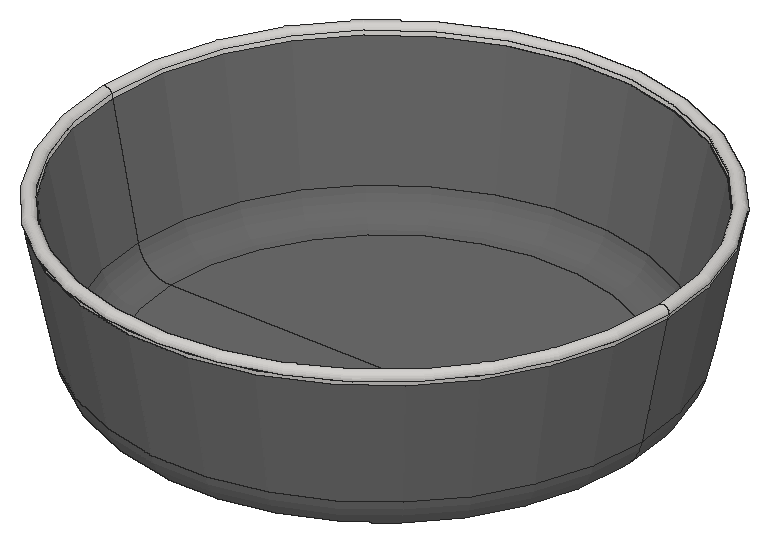
Revit family "Fruit_Bowl-Teknion-Zones_ZNAB-R2015", category Entourage, Revit 2015
Parameters (values of type "Fruit Bowl")
  Width = Depth  # 0' - 11"
  Warranty = "http://www.teknion.com/ca/papers/legal-canada"
  URL = "http://www.teknion.com"
  Sustainability Data = "http://www.teknion.com/ca/tools/assets#&topic=216f99a5-57a0-44fc-b10a-9dee9b29ae4c&asset=444deb64-fe58-4b68-981e-f75e97781df7"
  Series = "Zones"
  Product Page URL = "http://www.teknion.com/ca/products/product-details?productLineId=b28c7a6e-8e7a-673b-a6c8-ff64004460c4"
  Product Line = "Zones"
  Product Documentation Link = "http://www.teknion.com/pricing/Zones/pdfs/ZNAB_ppg.pdf"
  Part Number = "ZNAB"
  Model = "ZNAB"
  Manufacturer Phone = "416-661-3370"
  Manufacturer Fax = "416.661.4586"
  Manufacturer Contact Information = "http://www.teknion.com/ca/contactus"
  Manufacturer Address = "1150 Flint Road, Toronto, ON. M3J 2J5. Canada"
  Manufacturer = "Teknion"
  Height = 0' - 2 3/4"
  Description = "Fruit Bowl"
  Depth = 0' - 11"
  Default Elevation = 4' - 0"
  Assembly Code = "E2020200"
Reference planes (in)
  plane 1: z = 0
  plane 2 "Center (Left/Right)": x = 0
  plane 3 "Center": y = -0.08211
  plane 4 "Left": x = -4.70641
  plane 5 "Right": x = 4.70641
  plane 6 "Back": y = 4.6243
  plane 7 "Front": y = -4.78852
  plane 8 "Top": z = 2.7755
Forms (in)
  Revolve 1, solid, material "Matte Charcoal - Teknion - Black"
    sketch origin (-0.02832, -0.08211, -0.12664) x (1, 0, 0) y (0, 0, 1)
      loop
        line (0.02832, 0.32664) -> (0.02832, 0.12664) -> (3.57698, 0.12664)
        arc (3.57698, 0.12664) -> (4.05366, 0.31398) -> (4.31637, 0.75364) r 0.79293
        line (4.31637, 0.75364) -> (4.73469, 2.71859) -> (4.53962, 2.76012) -> (4.11545, 0.76438)
        arc (4.11545, 0.76438) -> (3.92268, 0.4498) -> (3.57491, 0.32664) r 0.55262
        line (3.57491, 0.32664) -> (0.02832, 0.32664)
      axis (0.02832, 0.12664) -> (0.02832, 2.76012)
    angle from 0 to 360
  Sweep 2, solid, material "Paint - Teknion - Glacier White"
    path in 3D
      loop
        arc (4.70637, -0.08211, 2.59195) -> (0, 4.62426, 2.59195) -> (-4.70637, -0.08211, 2.59195) r 4.70637
        arc (-4.70637, -0.08211, 2.59195) -> (0, -4.78848, 2.59195) -> (4.70637, -0.08211, 2.59195) r 4.70637
    profile origin (0, -4.78848, 2.59195) x (0, 0.978082, 0.208222) y (0, -0.208222, 0.978082)
      loop
        line (0.19922, 0) -> (0.19922, 0.06467)
        arc (0.19922, 0.06467) -> (0.09961, 0.16428) -> (0, 0.06467) r 0.09961
        line (0, 0.06467) -> (0, 0) -> (0.19922, 0)
Lines and regions (in)
  Masking region 1
    outline origin (0, 0, 2.75) x (1, 0, 0) y (0, 1, 0)
      loop
        circle (0, -0.08211) r 4.70637
  symbolic lines, detail levels medium+fine
    curve 1: arc (-3.54866, -0.08211, 2.75) -> (0, 3.46655, 2.75) -> (3.54866, -0.08211, 2.75) r 3.54866
    curve 2: arc (3.54866, -0.08211, 2.75) -> (0, -3.63077, 2.75) -> (-3.54866, -0.08211, 2.75) r 3.54866
  sketch lines
    curve 3: arc (-4.70637, -0.08211, 2.59195) -> (0, -4.78848, 2.59195) -> (4.70637, -0.08211, 2.59195) r 4.70637
    curve 4: arc (4.70637, -0.08211, 2.59195) -> (0, 4.62426, 2.59195) -> (-4.70637, -0.08211, 2.59195) r 4.70637
Dimensions and locks (in)
  Revolve 1 sketch curve to Revolve 1 sketch curve to plane 2 "Center (Left/Right)" = 0' - 0.96265" locked, 0' - 3.54866" locked
  locked: Revolve 1 sketch curve to plane 1 at 2.63348
  locked: Revolve 1 sketch curve to plane 2 "Center (Left/Right)" at 4.08713
  equal spacing: plane 6 "Back", plane 3 "Center", plane 7 "Front"
  equal spacing: plane 4 "Left", plane 2 "Center (Left/Right)", plane 5 "Right"
  locked: plane 4 "Left" to plane 5 "Right" at 9.41282
  locked: plane 6 "Back" to plane 7 "Front" at 9.41282
  locked: plane 8 "Top" to plane 1 at 2.7755
  aligned and locked: plane 1 to level
  aligned: Masking region 1 sketch curve to Revolve 1
  aligned and locked: Masking region 1 sketch curve to Revolve 1
  aligned: curve 1 to Revolve 1
  aligned and locked: curve 2 to Revolve 1
Automatic sketch dimensions
  Revolve 1 sketch curve to plane 2 "Center (Left/Right)" = 0' - 0"  (x2)
  Revolve 1 sketch curve to level = 0' - 0"  (x2)
  Revolve 1 sketch curve to Revolve 1 sketch curve = 0' - 0.57463"
  Revolve 1 sketch curve to Revolve 1 sketch curve = 0' - 0.03408"
  Revolve 1 sketch curve to Revolve 1 sketch curve = 0' - 0.20092"
  plane 5 "Right" to Revolve 1 sketch curve = 0' - 0.00004"
  level to Revolve 1 sketch curve = 0' - 0.2"
  level to Revolve 1 sketch curve = 0' - 0.627"
  Revolve 1 sketch curve to Revolve 1 sketch curve = 0' - 0.01073"
  Revolve 1 sketch curve to Revolve 1 sketch curve = 0' - 0.75504"
  Sweep 2 sketch curve to profile plane = 0' - 0"
  profile plane to Sweep 2 sketch curve = 0' - 0"
  Sweep 2 sketch curve to profile plane = 0' - 0.09961"
  profile plane to Sweep 2 sketch curve = 0' - 0.06467"
